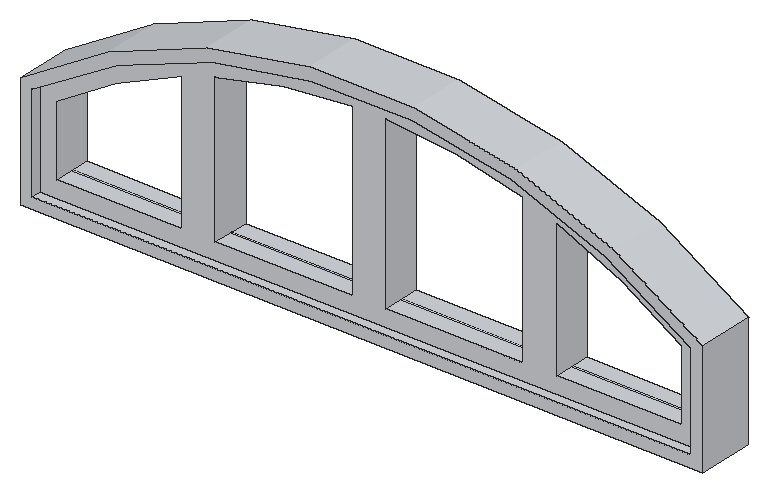
Revit family "Arched Window_smh", category Windows, host Wall, Revit 2014
Parameters
  Right Window Width [instance] = 1' - 9"
  Right [instance] = if(EQ Mullion Spacing, (Width / 4), Right Window Width)  # 1' - 6"
  R3 = R - Jam Width - Frame Width  # 4' - 9"
  R2 = R - Jam Width  # 4' - 10 3/4"
  R = (Arc Height / 2) + ((Width ^ 2) / (8 * Arc Height))  # 5' - 0"
  Left Window Width [instance] = 1' - 9"
  Left [instance] = if(EQ Mullion Spacing, (Width / 4), Left Window Width)  # 1' - 6"
  Jam Width = 0' - 1 1/4"
  Inner Frame Width = Frame Width * 2  # 0' - 3 1/2"
  Height = 2' - 0"
  H2 = Arc Height - Jam Width  # 0' - 10 3/4"
  Frame Width = 0' - 1 3/4"
  Frame Thikness = 0' - 4"
  Frame = none
  Edge Height = 1' - 0"
  EQ Mullion Spacing [instance] = yes
  Default Sill Height = 3' - 0"
  Wall Closure = By host
  Width = 6' - 0"
  D = R - Arc Height  # 4' - 0"
  Arc Height = Height - Edge Height  # 1' - 0"
Reference planes (in)
  plane 1 "Center (Front/Back)": y = 0
  plane 2: z = 0
  plane 3 "Center (Left/Right)": x = 0
  plane 4 "Left": x = -36
  plane 5 "Right": x = 36
  plane 6 "Sill": z = 36
  plane 7 "Top": z = 84
  plane 8: z = 96
  plane 9: z = 72
  plane 10: x = 34.75
  plane 11: x = -34.75
  plane 12: z = 94.75
  plane 13: y = 3
  plane 14: y = -3
  plane 15: z = 73.25
  plane 16: x = 33
  plane 17: x = -33
  plane 18: z = 93
  plane 19: z = 75
  plane 20: y = 2
  plane 21: y = -2
  plane 22: x = 1.75
  plane 23: x = -1.75
Forms (in)
  Extrusion 1, solid, material <- "Frame"
    sketch origin (0, 0, 0) x (1, 0, 0) y (0, 0, 1)
      loop
        line (-36, 84) -> (-36, 72) -> (36, 72) -> (36, 84)
        arc (36, 84) -> (0, 96) -> (-36, 84) r 60
      loop
        line (-34.75, 83.37088) -> (-34.75, 73.25) -> (34.75, 73.25) -> (34.75, 83.37088)
        arc (34.75, 83.37088) -> (0, 94.75) -> (-34.75, 83.37088) r 58.75
    from -3 to 3
  Extrusion 2, solid, material <- "Frame"
    sketch origin (0, 0, 0) x (1, 0, 0) y (0, 0, 1)
      loop
        line (-34.75, 83.37088) -> (-34.75, 73.25) -> (34.75, 73.25) -> (34.75, 83.37088)
        arc (34.75, 83.37088) -> (0, 94.75) -> (-34.75, 83.37088) r 58.75
      loop
        arc (33, 82.4758) -> (26.60577, 86.40965) -> (19.75, 89.46903) r 57
        line (19.75, 89.46903) -> (19.75, 75) -> (33, 75) -> (33, 82.4758)
      loop
        line (-33, 82.4758) -> (-33, 75) -> (-19.75, 75) -> (-19.75, 89.46903)
        arc (-19.75, 89.46903) -> (-26.60577, 86.40965) -> (-33, 82.4758) r 57
      loop
        line (16.25, 75) -> (16.25, 90.63458)
        arc (16.25, 90.63458) -> (9.07564, 92.27284) -> (1.75, 92.97313) r 57
        line (1.75, 92.97313) -> (1.75, 75) -> (16.25, 75)
      loop
        line (-16.25, 75) -> (-1.75, 75) -> (-1.75, 92.97313)
        arc (-1.75, 92.97313) -> (-9.07564, 92.27284) -> (-16.25, 90.63458) r 57
        line (-16.25, 90.63458) -> (-16.25, 75)
    from -2 to 2
  Extrusion 3, solid, material "Glass"
    sketch origin (0, 0, 0) x (1, 0, 0) y (0, 0, 1)
      loop
        line (-34.75, 83.37088) -> (-34.75, 73.25) -> (34.75, 73.25) -> (34.75, 83.37088)
        arc (34.75, 83.37088) -> (0, 94.75) -> (-34.75, 83.37088) r 58.75
      loop
        arc (33, 82.4758) -> (26.60577, 86.40965) -> (19.75, 89.46903) r 57
        line (19.75, 89.46903) -> (19.75, 75) -> (33, 75) -> (33, 82.4758)
      loop
        line (-33, 82.4758) -> (-33, 75) -> (-19.75, 75) -> (-19.75, 89.46903)
        arc (-19.75, 89.46903) -> (-26.60577, 86.40965) -> (-33, 82.4758) r 57
      loop
        line (16.25, 75) -> (16.25, 90.63458)
        arc (16.25, 90.63458) -> (9.07564, 92.27284) -> (1.75, 92.97313) r 57
        line (1.75, 92.97313) -> (1.75, 75) -> (16.25, 75)
      loop
        line (-16.25, 75) -> (-1.75, 75) -> (-1.75, 92.97313)
        arc (-1.75, 92.97313) -> (-9.07564, 92.27284) -> (-16.25, 90.63458) r 57
        line (-16.25, 90.63458) -> (-16.25, 75)
    from -0.125 to 0.125
Lines and regions (in)
  Opening 1
    outline origin (-60, -3, 0) x (1, 0, 0) y (0, 0, 1)
      loop
        line (24, 84) -> (24, 72) -> (96, 72) -> (96, 84)
        arc (96, 84) -> (60, 96) -> (24, 84) r 60
  reference lines
    curve 1: line (18, 0, 98.4287) -> (18, 0, 69.4287)
    curve 2: line (-18, 0, 98.4287) -> (-18, 0, 69.4287)
    curve 3: line (19.75, 0, 98.4287) -> (19.75, 0, 69.4287)
    curve 4: line (16.25, 0, 98.4287) -> (16.25, 0, 69.4287)
    curve 5: line (-16.25, 0, 98.4287) -> (-16.25, 0, 69.4287)
    curve 6: line (-19.75, 0, 98.4287) -> (-19.75, 0, 69.4287)
Text (in)
  text "EXTERIOR" at (-58.6888, 50.90694, 0), in view "Ref. Level"
  text "INTERIOR" at (-58.6888, -37.76638, 0), in view "Ref. Level"
  text "Exterior" at (0, 43.65631, 123.19604), in view "Left"
  text "Exterior" at (0, 18.29385, 125.04747), in view "Right"
Dimensions and locks (in)
  equal spacing: plane 4 "Left", plane 3 "Center (Left/Right)", plane 5 "Right"
  "Width": plane 4 "Left" to plane 5 "Right"
  "D": plane 6 "Sill" to plane 7 "Top"
  "Default Sill Height": plane 2 to plane 6 "Sill"
  "Arc Height": plane 7 "Top" to plane 8
  "Edge Height": plane 9 to plane 7 "Top"
  "Jam Width": plane 4 "Left" to plane 11
  "Jam Width": plane 10 to plane 5 "Right"
  "Jam Width": plane 12 to plane 8
  equal spacing: plane 13, plane 1 "Center (Front/Back)", plane 14
  "Jam Width": plane 9 to plane 15
  locked: plane 6 "Sill" to Extrusion 1 sketch curve at 0
  locked: plane 3 "Center (Left/Right)" to Extrusion 1 sketch curve at 0
  "Frame Width": plane 15 to plane 19
  "Frame Width": plane 18 to plane 12
  "Frame Width": plane 11 to plane 17
  "Frame Width": plane 16 to plane 10
  equal spacing: plane 21, plane 1 "Center (Front/Back)", plane 20
  "Frame Thikness": plane 21 to plane 20
  locked: plane 6 "Sill" to Extrusion 2 sketch curve  (x5)
  locked: plane 3 "Center (Left/Right)" to Extrusion 2 sketch curve at 0  (x5)
  "Left": plane 5 "Right" to curve 1
  "Right": plane 4 "Left" to curve 2
  equal spacing: curve 3, curve 1, curve 4
  equal spacing: curve 5, curve 2, curve 6
  "Inner Frame Width": curve 5 to curve 6
  "Inner Frame Width": curve 3 to curve 4
  equal spacing: plane 23, plane 3 "Center (Left/Right)", plane 22
  "Inner Frame Width": plane 23 to plane 22
  locked: plane 6 "Sill" to Extrusion 3 sketch curve  (x4)
  locked: plane 3 "Center (Left/Right)" to Extrusion 3 sketch curve at 0  (x4)
  "R": radius of Opening 1 sketch curve
  "R": radius of Extrusion 1 sketch curve
  "R2": radius of Extrusion 1 sketch curve
  "R2": radius of Extrusion 2 sketch curve
  "R3": radius of Extrusion 2 sketch curve  (x4)
  "R3": radius of Extrusion 3 sketch curve  (x4)
  aligned and locked: level to plane 2
  aligned and locked: plane 9 to Opening 1 sketch curve
  aligned and locked: Extrusion 1 sketch curve to plane 9
  aligned and locked: Extrusion 1 sketch curve to plane 5 "Right"
  aligned and locked: plane 5 "Right" to Extrusion 1 sketch curve
  aligned and locked: plane 7 "Top" to Extrusion 1 sketch curve  (x2)
  aligned and locked: plane 4 "Left" to Extrusion 1 sketch curve
  aligned and locked: plane 11 to Extrusion 1 sketch curve
  aligned and locked: Extrusion 1 sketch curve to plane 15
  aligned and locked: Extrusion 1 sketch curve to plane 10
  aligned and locked: Extrusion 1 to plane 14
  aligned and locked: plane 13 to Extrusion 1
  aligned and locked: host wall to plane 13
  aligned and locked: plane 11 to Extrusion 2 sketch curve
  aligned and locked: Extrusion 2 sketch curve to plane 15
  aligned and locked: Extrusion 2 sketch curve to plane 10
  aligned and locked: plane 19 to Extrusion 2 sketch curve
  aligned and locked: Extrusion 2 sketch curve to plane 17
  aligned and locked: plane 16 to Extrusion 2 sketch curve
  aligned and locked: plane 21 to Extrusion 2
  aligned and locked: plane 20 to Extrusion 2
  aligned and locked: Extrusion 2 sketch curve to curve 3
  aligned and locked: Extrusion 2 sketch curve to curve 4
  aligned and locked: Extrusion 2 sketch curve to curve 5
  aligned and locked: Extrusion 2 sketch curve to curve 6
  aligned and locked: Extrusion 2 sketch curve to plane 22
  aligned and locked: Extrusion 2 sketch curve to plane 23
  aligned and locked: Extrusion 3 sketch curve to plane 11
  aligned and locked: plane 15 to Extrusion 3 sketch curve
  aligned and locked: Extrusion 3 sketch curve to curve 6
  aligned and locked: Extrusion 3 sketch curve to curve 5
  aligned and locked: plane 23 to Extrusion 3 sketch curve
  aligned and locked: plane 22 to Extrusion 3 sketch curve
  aligned and locked: plane 19 to Extrusion 3 sketch curve  (x4)
  aligned and locked: plane 16 to Extrusion 3 sketch curve
  aligned and locked: Extrusion 3 sketch curve to curve 3
  aligned and locked: Extrusion 3 sketch curve to curve 4
  aligned and locked: plane 10 to Extrusion 3 sketch curve
Automatic sketch dimensions
  plane 4 "Left" to Opening 1 sketch curve = 0' - 0"
  Opening 1 sketch curve to plane 3 "Center (Left/Right)" = 0' - 0"
  Opening 1 sketch curve to plane 6 "Sill" = 0' - 0"
  Opening 1 sketch curve to plane 7 "Top" = 0' - 0"
  Extrusion 2 sketch curve to plane 19 = 0' - 0"  (x3)
  Extrusion 3 sketch curve to Extrusion 3 sketch curve = 0' - 0"  (x2)
  plane 17 to Extrusion 3 sketch curve = 0' - 0"
  plane 7 "Top" to Extrusion 3 sketch curve = 0' - 0.62912"
  curve 6 to plane 9 = 0' - 2.5713"
  curve 1 to plane 9 = 0' - 2.5713"
  curve 4 to curve 1 = 0' - 0"
  curve 2 to curve 6 = 0' - 0"
  curve 3 to curve 1 = 0' - 0"
  curve 5 to curve 2 = 0' - 0"  (x2)
  plane 8 to curve 2 = 0' - 2.4287"
  plane 8 to curve 4 = 0' - 2.4287"
  plane 8 to curve 3 = 0' - 2.4287"
  curve 6 to curve 2 = 0' - 0"
  curve 1 to curve 3 = 0' - 0"
